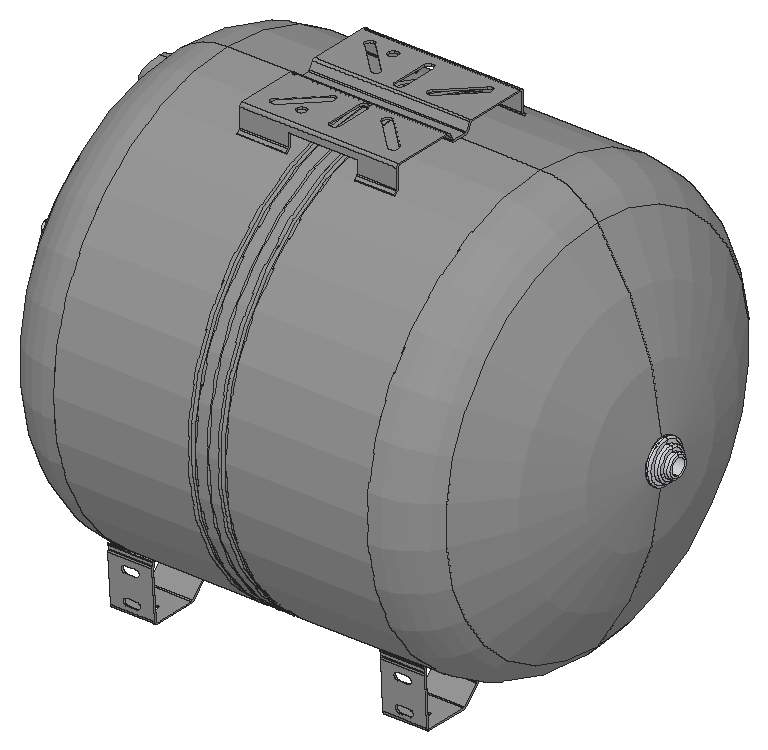
Revit family "WAO 100", category Оборудование, Revit 2014
Parameters
  Описание = "Мембранный бак для водоснабжения V=100л, Py=10бар, 1\""
  Материал крышки = Черная резина
  Материал = Синяя краска
  Масса кг = "16.3"
  Крышка [instance] = yes
  Комментарии к типоразмеру = "WAO 100"
  Изготовитель = "WESTER"  # constant formula
  URL = "http://www.wester.su/"
Reference planes
  plane 1 "По центру (Вперед/Назад)": y = 0
  plane 2: z = 0
  plane 3 "По центру (Влево/Вправо)": x = 0
  plane 4: z = 259.949
Forms (mm)
  Revolve 1, solid, material "Синяя краска" <- "Материал"
    sketch origin (0, 0, 39.5) x (1, 0, 0) y (0, 0, 1)
      loop
        line (180.931, 467.986) -> (20.716, 467.986)
        arc (20.716, 467.986) -> (19.238, 467.601) -> (18.135, 466.545) r 3.031
        arc (18.135, 466.545) -> (15.99, 465.355) -> (13.844, 466.545) r 2.53
        arc (13.844, 466.545) -> (12.73, 467.602) -> (11.244, 467.986) r 3.066
        line (11.244, 467.986) -> (1.099, 467.986)
        arc (1.099, 467.986) -> (0.048, 468.373) -> (-1.004, 467.986) r 1.624
        line (-1.004, 467.986) -> (-13.274, 467.986)
        arc (-13.274, 467.986) -> (-14.758, 467.599) -> (-15.863, 466.536) r 3.037
        arc (-15.863, 466.536) -> (-18.015, 465.322) -> (-20.168, 466.536) r 2.516
        arc (-20.168, 466.536) -> (-21.264, 467.599) -> (-22.741, 467.986) r 3.007
        line (-22.741, 467.986) -> (-174.953, 467.986)
        arc (-174.953, 467.986) -> (-209.796, 459.995) -> (-237.673, 437.617) r 79.952
        arc (-237.673, 437.617) -> (-282.459, 363.824) -> (-307.848, 281.322) r 350.458
        line (-307.848, 281.322) -> (-321.155, 268.015) -> (-321.155, 220.936) -> (318.35, 220.936) -> (318.35, 244.553)
        arc (318.35, 244.553) -> (295.052, 345.573) -> (244.736, 436.215) r 371.345
        arc (244.736, 436.215) -> (216.569, 459.604) -> (180.931, 467.986) r 79.955
      axis (-321.155, 220.936) -> (318.35, 220.936)
    angle from 0 to 360
  Revolve 2, solid
    sketch origin (-94.21, 0, 98.449) x (1, 0, 0) y (0, 0, 1)
      loop
        line (-267.445, 175.601) -> (-267.445, 174.782) -> (-239.445, 174.782) -> (-239.445, 161.5) -> (-226.945, 161.5) -> (-226.945, 231.551) -> (-228.445, 231.551) -> (-228.445, 235.304) -> (-235.411, 234.694)
        arc (-235.411, 234.694) -> (-238.29, 233.199) -> (-239.445, 230.167) r 4.557
        line (-239.445, 230.167) -> (-239.445, 209.701) -> (-235.342, 197.341)
        arc (-235.342, 197.341) -> (-234.952, 195.475) -> (-235.342, 193.608) r 4.663
        line (-235.342, 193.608) -> (-239.445, 180.189) -> (-239.445, 179.405)
        arc (-239.445, 179.405) -> (-240.671, 179.079) -> (-241.484, 178.103) r 2.095
        line (-241.484, 178.103) -> (-264.942, 178.103) -> (-267.445, 175.601)
      axis (-267.445, 161.5) -> (-226.945, 161.5)
    angle from 0 to 360
  Extrusion 3, solid, material "Синяя краска" <- "Материал"
    sketch origin (0, -0.312, 206) x (0, 1, 0) y (0, 0, 1)
      loop
        line (93.539, 284.746) -> (90.184, 287.436)
        arc (90.184, 287.436) -> (89.777, 287.943) -> (89.622, 288.574) r 1.5
        line (89.622, 288.574) -> (89.161, 310.065)
        arc (89.161, 310.065) -> (88.26, 312.144) -> (86.161, 313) r 3
        line (86.161, 313) -> (16.699, 313)
        arc (16.699, 313) -> (15.22, 312.611) -> (14.126, 311.543) r 3
        line (14.126, 311.543) -> (9.437, 303.728)
        arc (9.437, 303.728) -> (8.89, 303.195) -> (8.151, 303) r 1.5
        line (8.151, 303) -> (-8.151, 303)
        arc (-8.151, 303) -> (-8.89, 303.195) -> (-9.437, 303.728) r 1.5
        line (-9.437, 303.728) -> (-14.126, 311.543)
        arc (-14.126, 311.543) -> (-15.22, 312.611) -> (-16.699, 313) r 3
        line (-16.699, 313) -> (-86.149, 313)
        arc (-86.149, 313) -> (-88.247, 312.144) -> (-89.149, 310.065) r 3
        line (-89.149, 310.065) -> (-89.621, 288.314)
        arc (-89.621, 288.314) -> (-89.775, 287.683) -> (-90.182, 287.176) r 1.5
        line (-90.182, 287.176) -> (-93.537, 284.486) -> (-92.599, 283.316) -> (-89.244, 286.006)
        arc (-89.244, 286.006) -> (-88.43, 287.019) -> (-88.121, 288.282) r 3
        line (-88.121, 288.282) -> (-87.649, 310.033)
        arc (-87.649, 310.033) -> (-87.198, 311.072) -> (-86.149, 311.5) r 1.5
        line (-86.149, 311.5) -> (-16.699, 311.5)
        arc (-16.699, 311.5) -> (-15.96, 311.305) -> (-15.412, 310.772) r 1.5
        line (-15.412, 310.772) -> (-10.723, 302.957)
        arc (-10.723, 302.957) -> (-9.629, 301.889) -> (-8.151, 301.5) r 3
        line (-8.151, 301.5) -> (8.151, 301.5)
        arc (8.151, 301.5) -> (9.629, 301.889) -> (10.723, 302.957) r 3
        line (10.723, 302.957) -> (15.412, 310.772)
        arc (15.412, 310.772) -> (15.96, 311.305) -> (16.699, 311.5) r 1.5
        line (16.699, 311.5) -> (86.161, 311.5)
        arc (86.161, 311.5) -> (87.21, 311.072) -> (87.661, 310.032) r 1.5
        line (87.661, 310.032) -> (88.123, 288.542)
        arc (88.123, 288.542) -> (88.432, 287.279) -> (89.246, 286.266) r 3
        line (89.246, 286.266) -> (92.601, 283.576) -> (93.539, 284.746)
    from -89 to 89
  Extrusion 4, void
    sketch origin (3.445, 0, 0) x (1, 0, 0) y (0, 1, 0)
      loop
        arc (-66.306, 70.639) -> (-74.084, 70.639) -> (-74.084, 62.861) r 5.5
        line (-74.084, 62.861) -> (-39.436, 28.213)
        arc (-39.436, 28.213) -> (-31.657, 28.213) -> (-31.657, 35.991) r 5.5
        line (-31.657, 35.991) -> (-66.306, 70.639)
      loop
        arc (24.768, 35.991) -> (24.768, 28.213) -> (32.546, 28.213) r 5.5
        line (32.546, 28.213) -> (67.194, 62.861)
        arc (67.194, 62.861) -> (67.194, 70.639) -> (59.416, 70.639) r 5.5
        line (59.416, 70.639) -> (24.768, 35.991)
      loop
        arc (-8.945, 25.75) -> (-3.445, 20.25) -> (2.055, 25.75) r 5.5
        line (2.055, 25.75) -> (2.055, 66.75)
        arc (2.055, 66.75) -> (-3.445, 72.25) -> (-8.945, 66.75) r 5.5
        line (-8.945, 66.75) -> (-8.945, 25.75)
      loop
        arc (-31.657, -35.991) -> (-31.657, -28.213) -> (-39.436, -28.213) r 5.5
        line (-39.436, -28.213) -> (-74.084, -62.861)
        arc (-74.084, -62.861) -> (-74.084, -70.639) -> (-66.306, -70.639) r 5.5
        line (-66.306, -70.639) -> (-31.657, -35.991)
      loop
        line (24.768, -35.991) -> (59.416, -70.639)
        arc (59.416, -70.639) -> (67.194, -70.639) -> (67.194, -62.861) r 5.5
        line (67.194, -62.861) -> (32.546, -28.213)
        arc (32.546, -28.213) -> (24.768, -28.213) -> (24.768, -35.991) r 5.5
      loop
        line (-8.945, -25.75) -> (-8.945, -66.75)
        arc (-8.945, -66.75) -> (-3.445, -72.25) -> (2.055, -66.75) r 5.5
        line (2.055, -66.75) -> (2.055, -25.75)
        arc (2.055, -25.75) -> (-3.445, -20.25) -> (-8.945, -25.75) r 5.5
      loop
        circle (-42.347, 64.994) r 5.559
      loop
        circle (-42.347, -64.994) r 5.559
    from 517.5 to 519
  Extrusion 5, void
    sketch origin (0, 0, 0) x (1, 0, 0) y (0, 1, 0)
      loop
        arc (-155.122, 125.595) -> (-150.622, 130.095) -> (-155.122, 134.595) r 4.5
        line (-155.122, 134.595) -> (-166.234, 134.595)
        arc (-166.234, 134.595) -> (-170.734, 130.095) -> (-166.234, 125.595) r 4.5
        line (-166.234, 125.595) -> (-155.122, 125.595)
      loop
        line (-166.12, -134.497) -> (-155.035, -134.497)
        arc (-155.035, -134.497) -> (-150.535, -129.997) -> (-155.035, -125.497) r 4.5
        line (-155.035, -125.497) -> (-166.12, -125.497)
        arc (-166.12, -125.497) -> (-170.62, -129.997) -> (-166.12, -134.497) r 4.5
      loop
        arc (153.847, 125.451) -> (158.347, 129.951) -> (153.847, 134.451) r 4.5
        line (153.847, 134.451) -> (142.84, 134.451)
        arc (142.84, 134.451) -> (138.34, 129.951) -> (142.84, 125.451) r 4.5
        line (142.84, 125.451) -> (153.847, 125.451)
      loop
        line (153.853, -125.561) -> (142.846, -125.561)
        arc (142.846, -125.561) -> (138.346, -130.061) -> (142.846, -134.561) r 4.5
        line (142.846, -134.561) -> (153.853, -134.561)
        arc (153.853, -134.561) -> (158.353, -130.061) -> (153.853, -125.561) r 4.5
    from 0 to 14.349
  Extrusion 6, void
    sketch origin (10.829, 0, -0.211) x (1, 0, 0) y (0, 0, 1)
      loop
        arc (-165.983, 42.509) -> (-161.483, 47.009) -> (-165.983, 51.509) r 4.5
        line (-165.983, 51.509) -> (-176.983, 51.509)
        arc (-176.983, 51.509) -> (-181.483, 47.009) -> (-176.983, 42.509) r 4.5
        line (-176.983, 42.509) -> (-165.983, 42.509)
      loop
        line (-165.983, 17.513) -> (-176.983, 17.513)
        arc (-176.983, 17.513) -> (-181.483, 13.013) -> (-176.983, 8.513) r 4.5
        line (-176.983, 8.513) -> (-165.983, 8.513)
        arc (-165.983, 8.513) -> (-161.483, 13.013) -> (-165.983, 17.513) r 4.5
      loop
        line (132.017, 8.513) -> (143.017, 8.513)
        arc (143.017, 8.513) -> (147.517, 13.013) -> (143.017, 17.513) r 4.5
        line (143.017, 17.513) -> (132.017, 17.513)
        arc (132.017, 17.513) -> (127.517, 13.013) -> (132.017, 8.513) r 4.5
      loop
        arc (143.017, 42.509) -> (147.517, 47.009) -> (143.017, 51.509) r 4.5
        line (143.017, 51.509) -> (132.017, 51.509)
        arc (132.017, 51.509) -> (127.517, 47.009) -> (132.017, 42.509) r 4.5
        line (132.017, 42.509) -> (143.017, 42.509)
    from 141.199 to 164.086
  Extrusion 7, void
    sketch origin (10.829, 0, -0.211) x (1, 0, 0) y (0, 0, -1)
      loop
        line (-165.983, -42.509) -> (-176.983, -42.509)
        arc (-176.983, -42.509) -> (-181.483, -47.009) -> (-176.983, -51.509) r 4.5
        line (-176.983, -51.509) -> (-165.983, -51.509)
        arc (-165.983, -51.509) -> (-161.483, -47.009) -> (-165.983, -42.509) r 4.5
      loop
        arc (-165.983, -17.513) -> (-161.483, -13.013) -> (-165.983, -8.513) r 4.5
        line (-165.983, -8.513) -> (-176.983, -8.513)
        arc (-176.983, -8.513) -> (-181.483, -13.013) -> (-176.983, -17.513) r 4.5
        line (-176.983, -17.513) -> (-165.983, -17.513)
      loop
        arc (132.017, -8.513) -> (127.517, -13.013) -> (132.017, -17.513) r 4.5
        line (132.017, -17.513) -> (143.017, -17.513)
        arc (143.017, -17.513) -> (147.517, -13.013) -> (143.017, -8.513) r 4.5
        line (143.017, -8.513) -> (132.017, -8.513)
      loop
        line (143.017, -42.509) -> (132.017, -42.509)
        arc (132.017, -42.509) -> (127.517, -47.009) -> (132.017, -51.509) r 4.5
        line (132.017, -51.509) -> (143.017, -51.509)
        arc (143.017, -51.509) -> (147.517, -47.009) -> (143.017, -42.509) r 4.5
    from 144.557 to 162.737
  Revolve 8, solid
    sketch origin (19.189, 0, 465.663) x (-0.829038, 0, 0.559193) y (-0.559193, 0, -0.829038)
      loop
        line (225.528, 165.524) -> (214.055, 165.524) -> (214.055, 166.998) -> (209.555, 166.998) -> (209.555, 161.5) -> (222.75, 161.5) -> (222.75, 163.617) -> (226.555, 163.617) -> (226.555, 164.497) -> (225.528, 165.524)
      axis (209.555, 161.5) -> (226.555, 161.5)
    angle from 0 to 360
  Revolve 9, void
    sketch origin (5.26, 0, 55.999) x (0.99863, 0, -0.052336) y (0.052336, 0, 0.99863)
      loop
        line (-269.759, 379.194) -> (-266.753, 384.401)
        arc (-266.753, 384.401) -> (-266.661, 391.419) -> (-267.82, 398.342) r 39.261
        arc (-267.82, 398.342) -> (-268.114, 401.282) -> (-267.49, 404.17) r 9.509
        arc (-267.49, 404.17) -> (-274.548, 395.291) -> (-280.803, 385.83) r 129.609
        line (-280.803, 385.83) -> (-269.759, 379.194)
      axis (-280.803, 385.83) -> (-269.759, 379.194)
    angle from 0 to 360
  Revolve 10, solid
    sketch origin (0, 0, 0) x (1, 0, 0) y (0, 0, 1)
      loop
        line (301.845, 262) -> (301.845, 259.949) -> (322.302, 259.949) -> (322.302, 269.351) -> (336.39, 269.351) -> (336.39, 271.214) -> (334.523, 273.081) -> (329.891, 273.081) -> (329.891, 276.16) -> (328.27, 278.475) -> (323.391, 278.475) -> (323.391, 282.128)
        arc (323.391, 282.128) -> (322.825, 283.495) -> (321.458, 284.061) r 1.933
        line (321.458, 284.061) -> (318.435, 284.061) -> (318.435, 268.66) -> (310.345, 268.66) -> (306.184, 262) -> (301.845, 262)
      axis (301.845, 259.949) -> (336.39, 259.949)
    angle from 0 to 360
  Extrusion 11, void
    sketch origin (0, 0, 0) x (0, 1, 0) y (0, 0, 1)
      loop
        line (88.933, 492.266) -> (92.288, 489.576) -> (93.227, 490.746) -> (89.871, 493.436)
        arc (89.871, 493.436) -> (89.464, 493.943) -> (89.31, 494.574) r 1.5
        line (89.31, 494.574) -> (89, 508.993) -> (87.5, 508.993) -> (87.81, 494.542)
        arc (87.81, 494.542) -> (88.119, 493.279) -> (88.933, 492.266) r 3
      loop
        line (-90.494, 493.176) -> (-93.85, 490.486) -> (-92.912, 489.316) -> (-89.556, 492.006)
        arc (-89.556, 492.006) -> (-88.742, 493.019) -> (-88.433, 494.282) r 3
        line (-88.433, 494.282) -> (-88.114, 509) -> (-89.614, 509) -> (-89.933, 494.314)
        arc (-89.933, 494.314) -> (-90.088, 493.683) -> (-90.494, 493.176) r 1.5
    from -33.655 to 44.345
  Extrusion 12, solid, material "Синяя краска" <- "Материал"
    sketch origin (0, 0, 0) x (0, 1, 0) y (0, 0, 1)
      loop
        arc (155.235, 65.072) -> (155.387, 65.638) -> (155.743, 66.102) r 1.5
        line (155.743, 66.102) -> (156.497, 66.763) -> (155.732, 67.636) -> (154.978, 66.975)
        arc (154.978, 66.975) -> (154.318, 66.161) -> (154.038, 65.151) r 2.572
        line (154.038, 65.151) -> (153.793, 61.425)
        arc (153.793, 61.425) -> (153.941, 60.513) -> (154.357, 59.688) r 3.02
        arc (154.357, 59.688) -> (154.576, 59.226) -> (154.617, 58.717) r 1.428
        line (154.617, 58.717) -> (150.995, 3.536)
        arc (150.995, 3.536) -> (150.209, 1.875) -> (148.5, 1.2) r 2.5
        line (148.5, 1.2) -> (100.187, 1.2)
        arc (100.187, 1.2) -> (99.238, 1.387) -> (98.431, 1.92) r 2.5
        line (98.431, 1.92) -> (81.601, 18.511)
        arc (81.601, 18.511) -> (81.307, 18.929) -> (81.176, 19.423) r 1.442
        arc (81.176, 19.423) -> (80.986, 20.227) -> (80.564, 20.938) r 2.731
        line (80.564, 20.938) -> (77.914, 23.551)
        arc (77.914, 23.551) -> (76.697, 24.215) -> (75.31, 24.197) r 2.737
        line (75.31, 24.197) -> (74.364, 23.936) -> (74.673, 22.813) -> (75.62, 23.074)
        arc (75.62, 23.074) -> (76.396, 23.08) -> (77.071, 22.696) r 1.5
        line (77.071, 22.696) -> (79.547, 20.256)
        arc (79.547, 20.256) -> (79.848, 19.828) -> (79.982, 19.323) r 1.475
        arc (79.982, 19.323) -> (80.22, 18.42) -> (80.759, 17.657) r 2.636
        line (80.759, 17.657) -> (97.589, 1.065)
        arc (97.589, 1.065) -> (98.783, 0.277) -> (100.187, 0) r 3.7
        line (100.187, 0) -> (148.5, 0)
        arc (148.5, 0) -> (151.029, 0.999) -> (152.192, 3.458) r 3.7
        line (152.192, 3.458) -> (155.817, 58.676)
        arc (155.817, 58.676) -> (155.754, 59.603) -> (155.288, 60.406) r 2.049
        arc (155.288, 60.406) -> (155.057, 60.955) -> (155.004, 61.548) r 1.929
        line (155.004, 61.548) -> (155.235, 65.072)
      loop
        line (-155.235, 65.072) -> (-155.004, 61.548)
        arc (-155.004, 61.548) -> (-155.057, 60.955) -> (-155.288, 60.406) r 1.929
        arc (-155.288, 60.406) -> (-155.754, 59.603) -> (-155.817, 58.676) r 2.049
        line (-155.817, 58.676) -> (-152.192, 3.458)
        arc (-152.192, 3.458) -> (-151.029, 0.999) -> (-148.5, 0) r 3.7
        line (-148.5, 0) -> (-100.187, 0)
        arc (-100.187, 0) -> (-98.783, 0.277) -> (-97.589, 1.065) r 3.7
        line (-97.589, 1.065) -> (-80.759, 17.657)
        arc (-80.759, 17.657) -> (-80.22, 18.42) -> (-79.982, 19.323) r 2.636
        arc (-79.982, 19.323) -> (-79.848, 19.828) -> (-79.547, 20.256) r 1.475
        line (-79.547, 20.256) -> (-77.071, 22.696)
        arc (-77.071, 22.696) -> (-76.396, 23.08) -> (-75.62, 23.074) r 1.5
        line (-75.62, 23.074) -> (-74.673, 22.813) -> (-74.364, 23.936) -> (-75.31, 24.197)
        arc (-75.31, 24.197) -> (-76.697, 24.215) -> (-77.914, 23.551) r 2.737
        line (-77.914, 23.551) -> (-80.564, 20.938)
        arc (-80.564, 20.938) -> (-80.986, 20.227) -> (-81.176, 19.423) r 2.731
        arc (-81.176, 19.423) -> (-81.307, 18.929) -> (-81.601, 18.511) r 1.442
        line (-81.601, 18.511) -> (-98.431, 1.92)
        arc (-98.431, 1.92) -> (-99.238, 1.387) -> (-100.187, 1.2) r 2.5
        line (-100.187, 1.2) -> (-148.5, 1.2)
        arc (-148.5, 1.2) -> (-150.209, 1.875) -> (-150.995, 3.536) r 2.5
        line (-150.995, 3.536) -> (-154.617, 58.717)
        arc (-154.617, 58.717) -> (-154.576, 59.226) -> (-154.357, 59.688) r 1.428
        arc (-154.357, 59.688) -> (-153.941, 60.513) -> (-153.793, 61.425) r 3.02
        line (-153.793, 61.425) -> (-154.038, 65.151)
        arc (-154.038, 65.151) -> (-154.318, 66.161) -> (-154.978, 66.975) r 2.572
        line (-154.978, 66.975) -> (-155.732, 67.636) -> (-156.497, 66.763) -> (-155.743, 66.102)
        arc (-155.743, 66.102) -> (-155.387, 65.638) -> (-155.235, 65.072) r 1.5
    from 123.345 to 173.345
  Extrusion 13, solid, material "Синяя краска" <- "Материал"
    sketch origin (0, 0, 0) x (0, 1, 0) y (0, 0, -1)
      loop
        line (155.235, -65.072) -> (155.004, -61.548)
        arc (155.004, -61.548) -> (155.057, -60.955) -> (155.288, -60.406) r 1.929
        arc (155.288, -60.406) -> (155.754, -59.603) -> (155.817, -58.676) r 2.049
        line (155.817, -58.676) -> (152.192, -3.458)
        arc (152.192, -3.458) -> (151.029, -0.999) -> (148.5, 0) r 3.7
        line (148.5, 0) -> (100.187, 0)
        arc (100.187, 0) -> (98.783, -0.277) -> (97.589, -1.065) r 3.7
        line (97.589, -1.065) -> (80.759, -17.657)
        arc (80.759, -17.657) -> (80.22, -18.42) -> (79.982, -19.323) r 2.636
        arc (79.982, -19.323) -> (79.848, -19.828) -> (79.547, -20.256) r 1.475
        line (79.547, -20.256) -> (77.071, -22.696)
        arc (77.071, -22.696) -> (76.396, -23.08) -> (75.62, -23.074) r 1.5
        line (75.62, -23.074) -> (74.673, -22.813) -> (74.364, -23.936) -> (75.31, -24.197)
        arc (75.31, -24.197) -> (76.697, -24.215) -> (77.914, -23.551) r 2.737
        line (77.914, -23.551) -> (80.564, -20.938)
        arc (80.564, -20.938) -> (80.986, -20.227) -> (81.176, -19.423) r 2.731
        arc (81.176, -19.423) -> (81.307, -18.929) -> (81.601, -18.511) r 1.442
        line (81.601, -18.511) -> (98.431, -1.92)
        arc (98.431, -1.92) -> (99.238, -1.387) -> (100.187, -1.2) r 2.5
        line (100.187, -1.2) -> (148.5, -1.2)
        arc (148.5, -1.2) -> (150.209, -1.875) -> (150.995, -3.536) r 2.5
        line (150.995, -3.536) -> (154.617, -58.717)
        arc (154.617, -58.717) -> (154.576, -59.226) -> (154.357, -59.688) r 1.428
        arc (154.357, -59.688) -> (153.941, -60.513) -> (153.793, -61.425) r 3.02
        line (153.793, -61.425) -> (154.038, -65.151)
        arc (154.038, -65.151) -> (154.318, -66.161) -> (154.978, -66.975) r 2.572
        line (154.978, -66.975) -> (155.732, -67.636) -> (156.497, -66.763) -> (155.743, -66.102)
        arc (155.743, -66.102) -> (155.387, -65.638) -> (155.235, -65.072) r 1.5
      loop
        arc (-155.235, -65.072) -> (-155.387, -65.638) -> (-155.743, -66.102) r 1.5
        line (-155.743, -66.102) -> (-156.497, -66.763) -> (-155.732, -67.636) -> (-154.978, -66.975)
        arc (-154.978, -66.975) -> (-154.318, -66.161) -> (-154.038, -65.151) r 2.572
        line (-154.038, -65.151) -> (-153.793, -61.425)
        arc (-153.793, -61.425) -> (-153.941, -60.513) -> (-154.357, -59.688) r 3.02
        arc (-154.357, -59.688) -> (-154.576, -59.226) -> (-154.617, -58.717) r 1.428
        line (-154.617, -58.717) -> (-150.995, -3.536)
        arc (-150.995, -3.536) -> (-150.209, -1.875) -> (-148.5, -1.2) r 2.5
        line (-148.5, -1.2) -> (-100.187, -1.2)
        arc (-100.187, -1.2) -> (-99.238, -1.387) -> (-98.431, -1.92) r 2.5
        line (-98.431, -1.92) -> (-81.601, -18.511)
        arc (-81.601, -18.511) -> (-81.307, -18.929) -> (-81.176, -19.423) r 1.442
        arc (-81.176, -19.423) -> (-80.986, -20.227) -> (-80.564, -20.938) r 2.731
        line (-80.564, -20.938) -> (-77.914, -23.551)
        arc (-77.914, -23.551) -> (-76.697, -24.215) -> (-75.31, -24.197) r 2.737
        line (-75.31, -24.197) -> (-74.364, -23.936) -> (-74.673, -22.813) -> (-75.62, -23.074)
        arc (-75.62, -23.074) -> (-76.396, -23.08) -> (-77.071, -22.696) r 1.5
        line (-77.071, -22.696) -> (-79.547, -20.256)
        arc (-79.547, -20.256) -> (-79.848, -19.828) -> (-79.982, -19.323) r 1.475
        arc (-79.982, -19.323) -> (-80.22, -18.42) -> (-80.759, -17.657) r 2.636
        line (-80.759, -17.657) -> (-97.589, -1.065)
        arc (-97.589, -1.065) -> (-98.783, -0.277) -> (-100.187, 0) r 3.7
        line (-100.187, 0) -> (-148.5, 0)
        arc (-148.5, 0) -> (-151.029, -0.999) -> (-152.192, -3.458) r 3.7
        line (-152.192, -3.458) -> (-155.817, -58.676)
        arc (-155.817, -58.676) -> (-155.754, -59.603) -> (-155.288, -60.406) r 2.049
        arc (-155.288, -60.406) -> (-155.057, -60.955) -> (-155.004, -61.548) r 1.929
        line (-155.004, -61.548) -> (-155.235, -65.072)
    from 135.655 to 185.655
  Revolve 14, solid, material "Черная резина" <- "Материал крышки", visible <- "Крышка"
    sketch origin (0, 0, 0) x (1, 0, 0) y (0, 0, 1)
      loop
        line (-244.358, 448.87) -> (-240.982, 453.875) -> (-241.64, 472.701) -> (-251.285, 472.364) -> (-259.962, 459.004) -> (-244.358, 448.87)
      axis (-244.269, 448.813) -> (-259.962, 459.004)
    angle from 0 to 360
Cuts and joins
  Extrusion 4, Extrusion 11 cuts Extrusion 3
  Revolve 9 cuts Revolve 1
  Extrusion 5, Extrusion 6, Extrusion 7 cuts Extrusion 13
  Extrusion 5, Extrusion 6, Extrusion 7 cuts Extrusion 12
Dimensions and locks
  aligned and locked: level to plane 2
  aligned and locked: Extrusion 11 sketch curve to cut or joined group of Extrusion 3, Extrusion 4, Extrusion 11  (x12)
  aligned and locked: cut or joined group of Extrusion 3, Extrusion 4, Extrusion 11 to Extrusion 11 sketch curve  (x2)
Nested families
  nested 1: "Болт" at (-333.655, -51.954, 290) x (0, -0.5, 0.866) z (-1, 0, 0), type "Болт"
  nested 2: "Болт" at (-333.655, 51.958, 289.993) x (0, -0.5, 0.866) z (-1, 0, 0), type "Болт"
  nested 3: "Болт" at (-333.655, 51.954, 230) x (0, -0.5, 0.866) z (-1, 0, 0), type "Болт"
  nested 4: "Болт" at (-333.655, 0, 319.993) x (0, -1, 0) z (-1, 0, 0), type "Болт"
  nested 5: "Болт" at (-333.655, 0, 200.007) x (0, -1, 0) z (-1, 0, 0), type "Болт"
  nested 6: "Болт" at (-333.655, -51.958, 230.007) x (0, -1, 0) z (-1, 0, 0), type "Болт"
Connectors
  piping at (-361.655, 0, 259.949), diameter 25
    settings: on Revolve 2, index 1, connector inside diameter 609.6 mm, connector length 0 mm, flow factor 0, pipe flow 0.0 L/s, pressure drop 0.0 Pa, fitting loss kfactor 0, connector angle 0.00°, fixture units 0, engagement length 0 mm, angle of deflection 0.00°, flow configuration 1, flow direction 0, fitting loss method 0, system type 29, joint type 0, gender type 0, connector reference index -1, connector utility 0, adjustable connector no, is connector primary yes, connector description ""
Definition of nested family "Болт"
  Parameters (values of type "Болт")
    Default Elevation = 1219.2 mm
  Reference planes
    plane 1 "По центру (Вперед/Назад)": y = 0
    plane 2: z = 0
    plane 3 "По центру (Влево/Вправо)": x = 0
  Forms (mm)
    Extrusion 1, solid
      sketch origin (0, 0, 0) x (1, 0, 0) y (0, 1, 0)
        loop
          line (-1219.2, 1219.2) -> (-1219.2, -1219.2) -> (1219.2, -1219.2) -> (1219.2, 1219.2) -> (-1219.2, 1219.2)
      from 0 to -304.8
    Extrusion 2, solid, detail levels medium+fine
      sketch origin (0, 0, 0) x (0, 1, 0) y (-1, 0, 0)
        loop
          line (-6.5, -3.753) -> (0, -7.506) -> (6.5, -3.753) -> (6.5, 3.753) -> (0, 7.506) -> (-6.5, 3.753) -> (-6.5, -3.753)
      from 0 to 5.3
    Extrusion 3, solid, detail levels medium+fine
      sketch origin (0, 0, 0) x (1, 0, 0) y (0, 1, 0)
        loop
          circle (0, 0) r 4
      from -14 to 0
    Revolve 4, void
      sketch origin (0, 0, 0) x (1, 0, 0) y (0, 0, 1)
        loop
          line (-7.506, 4.447) -> (-6.413, 5.3) -> (-7.506, 5.3) -> (-7.506, 4.447)
        axis (0, 5.3) -> (0, 4.3)
      angle from 0 to 360
    Revolve 5, void
      sketch origin (0, 0, 0) x (1, 0, 0) y (0, 0, 1)
        loop
          line (-4, -14) -> (-2.365, -14) -> (-4, -12.365) -> (-4, -14)
        axis (0, -12.365) -> (0, -14)
      angle from 0 to 360
  Cuts and joins
    Revolve 4 cuts Extrusion 2
    Revolve 5 cuts Extrusion 3
    joined: Extrusion 2, Extrusion 3
  Dimensions and locks
    aligned and locked: plane 2 to Extrusion 1
    aligned and locked: level to Extrusion 1
    aligned and locked: Revolve 4 sketch curve to plane 3 "По центру (Влево/Вправо)"
    aligned and locked: cut or joined group of Extrusion 2, Extrusion 3, Revolve 4, Revolve 5 to Revolve 4 sketch curve
